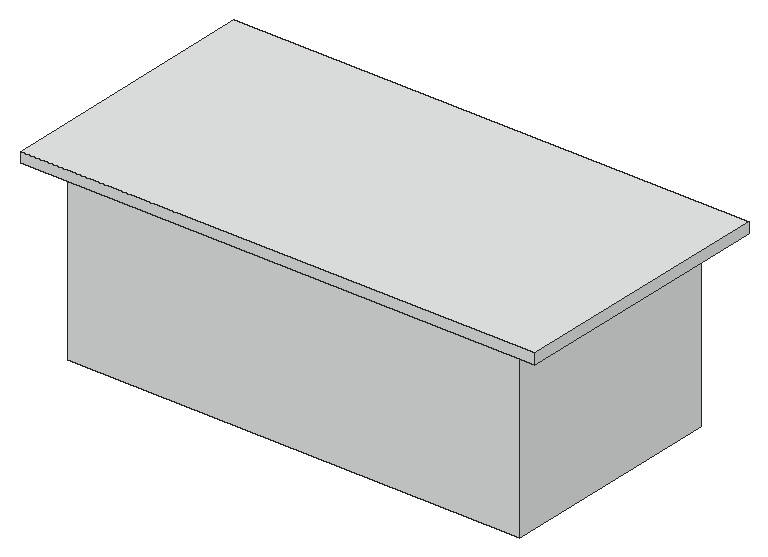
Revit family "Bancada_Ilha_Seca", category Plumbing Fixtures, Revit 2020
Family settings
  Round Connector Dimension = Use Diameter
  Part Type = Normal
  Work Plane-Based = No
  Always vertical = Yes
  Cut with Voids When Loaded = Yes
  Shared = No
  Room Calculation Point = Yes
Parameters (values of type "BAN_130x090_ILH_SEC_LAB")
  Material_Bancadas_Pés [instance] = CT_Bancadas_Labs
  Material_Bancadas [instance] = CT_Bancadas_Labs
  Description = "Descrição do tipo"
  Default Elevation = 0.000 m
  Banc_Profundidade = 1.300 m
  Banc_Frente [instance] = 2.500 m
  Banc_Altura = 0.900 m
Types (5, lengths in m): name | Banc_Profundidade
  BAN_130x090_ILH_SEC_LAB | 1.300
  BAN_150x090_ILH_SEC_LAB | 1.500
  BAN_070x090_ILH_SEC_LAB | 0.700
  BAN_120x090_ILH_SEC_LAB | 1.200
  BAN_060x090_ILH_SEC_LAB | 0.600
Reference planes (m)
  plane 1: z = 0
  plane 2 "Base Bancada": z = 0.9
  plane 3 "Centro E/E": x = 4
  plane 4 "Centro E/G": y = 0.575
  plane 5 "Centro E/K": x = 1.5
  plane 6 "Centro E/L": y = 1.225
  plane 7 "Centro E/M": y = -0.075
  plane 8 "Base void": z = 0.85
  plane 9: x = 3.850011
  plane 10: x = 1.65
  plane 11 "Centro E/O": y = 0.025
  plane 12 "Centro E/P": y = 1.125
  plane 13 "Centro E/Q": x = 2.75
Forms (m)
  Extrusion 1, solid, material "CT_Bancadas_Labs" <- "Material_Bancadas"
    sketch origin (0, 0, 0) x (1, 0, 0) y (0, 1, 0)
      loop
        line (1.5, -0.075) -> (4, -0.075) -> (4, 1.225) -> (1.5, 1.225) -> (1.5, -0.075)
    from 0.85 to 0.9
  Extrusion 2, solid, material "CT_Bancadas_Labs" <- "Material_Bancadas_Pés"
    sketch origin (0, 0, 0) x (1, 0, 0) y (0, 1, 0)
      loop
        line (1.65, 1.125) -> (1.65, 0.025) -> (3.850011, 0.025) -> (3.850011, 1.125) -> (1.65, 1.125)
    from 0.85 to 0
Dimensions and locks (m)
  "Banc_Altura": plane 2 "Base Bancada" to level
  plane 2 "Base Bancada" to plane 8 "Base void" = 0.050 m  (x2)
  "Banc_Frente": plane 5 "Centro E/K" to plane 3 "Centro E/E"
  equal spacing: plane 7 "Centro E/M", plane 4 "Centro E/G", plane 6 "Centro E/L"
  "Banc_Profundidade": plane 7 "Centro E/M" to plane 6 "Centro E/L"
  locked: plane 10 to plane 5 "Centro E/K" at 0.15
  locked: plane 3 "Centro E/E" to plane 9 at 0.149989
  locked: plane 6 "Centro E/L" to plane 12 "Centro E/P" at 0.1
  locked: plane 11 "Centro E/O" to plane 7 "Centro E/M" at 0.1
  equal spacing: plane 5 "Centro E/K", plane 13 "Centro E/Q", plane 3 "Centro E/E"
  aligned and locked: plane 1 to level
  aligned and locked: plane 2 "Base Bancada" to Extrusion 1
  aligned and locked: Extrusion 1 sketch curve to plane 5 "Centro E/K"
  aligned and locked: plane 3 "Centro E/E" to Extrusion 1 sketch curve
  aligned and locked: Extrusion 1 to plane 8 "Base void"
  aligned and locked: Extrusion 2 to Extrusion 1
  aligned and locked: Extrusion 2 to level
  aligned and locked: Extrusion 2 to plane 10
  aligned and locked: plane 9 to Extrusion 2
  aligned and locked: Extrusion 2 to plane 12 "Centro E/P"
  aligned and locked: plane 11 "Centro E/O" to Extrusion 2
Automatic sketch dimensions
  plane 7 "Centro E/M" to Extrusion 1 sketch curve = 0.000 m
  plane 6 "Centro E/L" to Extrusion 1 sketch curve = 0.000 m
  plane 5 "Centro E/K" to Extrusion 2 sketch curve = 0.150 m
  Extrusion 2 sketch curve to plane 3 "Centro E/E" = 0.149989 m
  Extrusion 2 sketch curve to plane 7 "Centro E/M" = 0.100 m
  plane 6 "Centro E/L" to Extrusion 2 sketch curve = 0.100 m
